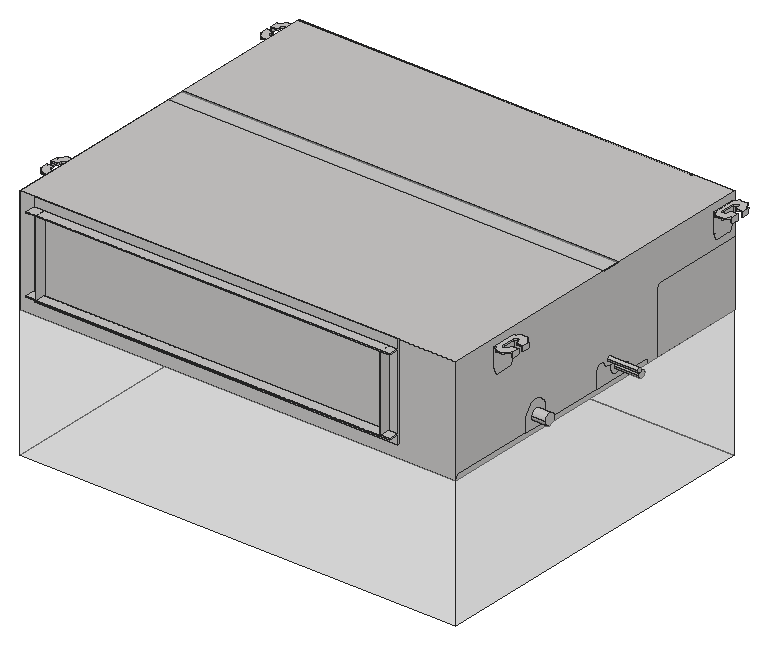
Revit family "outputfile", category 機械設備, Revit 2024
Family settings
  丸型コネクタ寸法 = 半径を使用
  パーツ タイプ = 標準
  OmniClass 番号 = 23.75.10.24.21.27.27
  OmniClass タイトル = Split System Air Conditioning Units
  作業面ベース = いいえ
  常に垂直 = はい
  ロード時にボイドで切り取り = いいえ
  注釈の向きを維持 = いいえ
  共有 = いいえ
  部屋計算ポイント = はい
Parameters (values of type "FDBF24EV2S")
  書き出し IFC クラス(タイプ) = "IfcUnitaryEquipmentType"
  定義済み IFC タイプ(タイプ) = "AIRCONDITIONINGUNIT"
  switch_frequency = yes
  ra duct size width = 0 mm
  ra duct size height [instance] = if(Rear Connection_Return Air, 203 mm, 204 mm)  # 203 mm
  lw_duct size width = 904 mm
  connector_voltage = Voltage_50Hz  # 220 V
  connector_powerinput = [Power Input (Cooling)]  # 2.230 kW
  connector_phase = Phase_50Hz  # 1
  RA_length [instance] = if(Rear Connection_Return Air, 126 mm, 125.5 mm)  # 126 mm
  angle_drainpipe [instance] = if(Right Connection_refrigerant, 90.00°, 270.00°)  # 90.00°
  angle_gaspipe [instance] = if(Right Connection_refrigerant, 90.00°, 270.00°)  # 90.00°
  angle_liquidpipe [instance] = if(Right Connection_refrigerant, 90.00°, 270.00°)  # 90.00°
  angle_Return Air [instance] = if(Rear Connection_Return Air, 90.00°, 0.00°)  # 90.00°
  Right Connection_refrigerant [instance] = yes
  Rear Connection_Return Air [instance] = not(Bottom Connection_Return Air)  # yes
  製造元 = "Daikin"
  モデル = "FDBF24EV2S"
  r_Liquid Pipe Size = Liquid Pipe Size / 2  # 4.75 mm
  r_Gas Pipe Size = Gas Pipe Size / 2  # 7.95 mm
  r_Drain Pipe Size = Drain Pipe Size / 2  # 12.5 mm
  lw_power = 60 mm  # constant formula
  lh_power = 30 mm  # constant formula
  ld_power = Depth / 2  # 400 mm
  Voltage_comment_50Hz = "220 - 240"
  Voltage_50Hz = 220 V
  Supply Air Direction [instance] = yes
  Phase_50Hz = 1
  Minimum External Static Pressure = 15.00 Pa
  Maximum External Static Pressure = 38.00 Pa
  Material_Casing = DAIKIN_GalvanizedSteel_Casing_indoorunit
  lw_mountinghole = 1038 mm
  lh_gaspipe = 22 mm  # constant formula
  lh_mountinghole = 230 mm  # constant formula
  lh_liquidpipe = 185 mm  # constant formula
  lh_drainpipe = 207 mm  # constant formula
  lh_antena = (Height - lh_mountinghole) + 1 mm  # 16 mm
  ld_drainpipe = 228 mm  # constant formula
  ld_liquidpipe = 438 mm  # constant formula
  ld_gaspipe = 22 mm  # constant formula
  ld_mountinghole = 0 mm
  h*** = 0 mm
  lw_liquidpipe = 571 mm
  lw_gaspipe = 558 mm
  lw_drainpipe = 533 mm
  Width = 1000 mm
  Version = "ver.1.0"
  Unit Type = "Duct"
  Unit Mass Weight = 36.00 kg
  Unit Designation [instance] = ""
  Uniclass2015Version = "Products v1.30"
  Uniclass2015Title = "Split coil room air conditioning units"
  Uniclass2015Code = "Pr_70_65_03_86"
  Total Cooling Capacity [instance] = 0.000 kW
  Sound Pressure Level_M speed (dBA) = 35
  Sound Pressure Level_L speed (dBA) = 33
  Sound Pressure Level_H speed (dBA) = 39
  Series = "SkyAir_Fan Coil Unit"
  Sensible Cooling Capacity [instance] = 0.000 kW
  SA Duct Size Width = 790 mm
  SA Duct Size Height = 174 mm
  Refrigerant Type = "R32"
  RA Duct Size Width = 863 mm
  RA Duct Size Height = 203 mm
  Power Input (Cooling) = 2.230 kW
  Option Accessory 3 [instance] = ""
  Option Accessory 2 [instance] = ""
  Option Accessory 1 [instance] = ""
  Nominal Cooling Capacity = 7.000 kW
  Minimum Airflow = 1050.00 m³/h
  Median Airflow = 1200.00 m³/h
  Maximum Airflow = 1350.00 m³/h
  Load Classification = HVAC
  Liquid Pipe Size = 9.5 mm
  Link_Nested Family [instance] = ""
  Left Connection_refrigerant [instance] = not(Right Connection_refrigerant)  # no
  IfcVersion = ""
  IfcExportType = "AIRCONDITIONINGUNIT"
  IfcExportAs = "IfcUnitaryEquipmentType"
  Height = 245 mm
  Heat Exchanger Type = "Cross Fin Coil"
  Gas Pipe Size = 15.9 mm
  Frequency_50Hz = 50 Hz
  Fan Type = "Sirocco Fan"
  Fan Drive = "Direct Drive"
  FCU Tag No. [instance] = ""
  Drain Pipe Size = 25.0 mm
  Design Supply Airflow [instance] = 0.00 m³/h
  Design Return Airflow [instance] = 0.00 m³/h
  Design External Static Pressure [instance] = 0.00 Pa
  Depth = 800 mm
  既定の高さ = 0 mm
  Cooling Entering Wet Bulb Temperature [instance] = 0.00 °C
  Cooling Entering Dry Bulb Temperature [instance] = 0.00 °C
  Cooling Ambient Wet Bulb Temperature [instance] = 0.00 °C
  Cooling Ambient Dry Bulb Temperature [instance] = 0.00 °C
  Clearance visibility [instance] = yes
  Clearance Top = 0 mm
  Clearance Right = 0 mm
  Clearance Rear = 0 mm
  Clearance Left = 0 mm
  Clearance Front = 0 mm
  Clearance Bottom = 300 mm
  Bottom Connection_Return Air [instance] = no
Reference planes
  plane 1 "Center (Front/Back)": y = 0
  plane 2 "h": z = 0
  plane 3 "Center (Left/Right)": x = 0
  plane 4 "Back": y = 400
  plane 5 "Front": y = -400
  plane 6 "Left": x = -500
  plane 7 "Right": x = 500
  plane 8 "Top": z = 0
  plane 9 "Bottom": z = -245
  plane 10: y = 400
  plane 11: y = -400
  plane 12: x = -500
  plane 13: x = 500
  plane 14: z = 0
  plane 15: z = -545
  plane 16: y = 364
  plane 17: y = -266
  plane 18: z = -15
  plane 19: x = -467
  plane 20: x = -558
  plane 21: x = 558
  plane 22: x = -571
  plane 23: x = 571
  plane 24: y = 38
  plane 25: y = 60
  plane 26: y = -172
  plane 27: z = -207
  plane 28: z = -207
  plane 29: z = -185
  plane 30: x = -533
  plane 31: x = 533
  plane 32: x = 404.5
  plane 33: x = -499.5
  plane 34: y = 151.5
  plane 35: z = -215
  plane 36: x = 440
  plane 37: x = -47.5
  plane 38: y = 274
  plane 39: z = -119.5
  plane 40: x = -519
  plane 41: x = 519
Forms (mm)
  Extrusion 1, solid, material "DAIKIN_GalvanizedSteel_Casing_indoorunit" <- "Material_Casing"
    sketch origin (0, 0, 0) x (1, 0, 0) y (0, 1, 0)
      loop
        line (-500, 400) -> (-500, -400) -> (500, -400) -> (500, 400) -> (-500, 400)
    from -245 to 0
  Extrusion 2, solid, material "DAIKIN_GalvanizedSteel_Casing_indoorunit" <- "Material_Casing", visible <- "Right Connection_refrigerant"
    sketch origin (500, 0, 0) x (0, 1, 0) y (0, 0, 1)
      loop
        circle (-172, -207) r 12.5
    from 0 to 33
  Extrusion 3, solid, material "DAIKIN_GalvanizedSteel_Casing_indoorunit" <- "Material_Casing", visible <- "Left Connection_refrigerant"
    sketch origin (-500, 0, 0) x (0, 1, 0) y (0, 0, 1)
      loop
        circle (-172, -207) r 12.5
    from 0 to -33
  Extrusion 4, solid, material "DAIKIN_GalvanizedSteel_Casing_indoorunit" <- "Material_Casing", visible <- "Right Connection_refrigerant"
    sketch origin (500, 0, 0) x (0, 1, 0) y (0, 0, 1)
      loop
        circle (38, -185) r 4.75
    from 0 to 71
  Extrusion 5, solid, material "DAIKIN_GalvanizedSteel_Casing_indoorunit" <- "Material_Casing", visible <- "Right Connection_refrigerant"
    sketch origin (500, 0, 0) x (0, 1, 0) y (0, 0, 1)
      loop
        circle (60, -207) r 7.95
    from 0 to 58
  Extrusion 6, solid, material "DAIKIN_GalvanizedSteel_Casing_indoorunit" <- "Material_Casing", visible <- "Left Connection_refrigerant"
    sketch origin (-500, 0, 0) x (0, 1, 0) y (0, 0, 1)
      loop
        circle (60, -207) r 7.95
    from 0 to -58
  Extrusion 7, solid, material "DAIKIN_GalvanizedSteel_Casing_indoorunit" <- "Material_Casing", visible <- "Left Connection_refrigerant"
    sketch origin (-500, 0, 0) x (0, 1, 0) y (0, 0, 1)
      loop
        circle (38, -185) r 4.75
    from 0 to -71
  Extrusion 8, solid, material "DAIKIN_GalvanizedSteel_Casing_indoorunit" <- "Material_Casing", visible <- "Right Connection_refrigerant"
    sketch origin (500, 0, 0) x (0, 1, 0) y (0, 0, 1)
      loop
        line (22.284, -188) -> (7.5, -188)
        arc (7.5, -188) -> (5.379, -188.879) -> (4.5, -191) r 3
        line (4.5, -191) -> (4.5, -232)
        arc (4.5, -232) -> (5.379, -234.121) -> (7.5, -235) r 3
        line (7.5, -235) -> (91, -235)
        arc (91, -235) -> (93.121, -234.121) -> (94, -232) r 3
        line (94, -232) -> (94, -220)
        arc (94, -220) -> (93.121, -217.879) -> (91, -217) r 3
        line (91, -217) -> (75.564, -217)
        arc (75.564, -217) -> (51.595, -223.481) -> (42.766, -200.274) r 18.5
        arc (42.766, -200.274) -> (29.776, -198.725) -> (22.284, -188) r 16
    from 0 to -1
  Extrusion 9, solid, material "DAIKIN_GalvanizedSteel_Casing_indoorunit" <- "Material_Casing", visible <- "Left Connection_refrigerant"
    sketch origin (-500, 0, 0) x (0, 1, 0) y (0, 0, 1)
      loop
        line (22.284, -188) -> (7.5, -188)
        arc (7.5, -188) -> (5.379, -188.879) -> (4.5, -191) r 3
        line (4.5, -191) -> (4.5, -232)
        arc (4.5, -232) -> (5.379, -234.121) -> (7.5, -235) r 3
        line (7.5, -235) -> (91, -235)
        arc (91, -235) -> (93.121, -234.121) -> (94, -232) r 3
        line (94, -232) -> (94, -220)
        arc (94, -220) -> (93.121, -217.879) -> (91, -217) r 3
        line (91, -217) -> (75.564, -217)
        arc (75.564, -217) -> (51.595, -223.481) -> (42.766, -200.274) r 18.5
        arc (42.766, -200.274) -> (29.776, -198.725) -> (22.284, -188) r 16
    from 0 to 1
  Extrusion 10, solid, material "DAIKIN_GalvanizedSteel_Casing_indoorunit" <- "Material_Casing", visible <- "Right Connection_refrigerant"
    sketch origin (500, 0, 0) x (0, 1, 0) y (0, 0, 1)
      loop
        line (-199.5, -235) -> (-144.5, -235) -> (-144.5, -204.7)
        arc (-144.5, -204.7) -> (-152.555, -185.255) -> (-172, -177.2) r 27.5
        arc (-172, -177.2) -> (-191.445, -185.255) -> (-199.5, -204.7) r 27.5
        line (-199.5, -204.7) -> (-199.5, -235)
    from 0 to -1
  Extrusion 11, solid, material "DAIKIN_GalvanizedSteel_Casing_indoorunit" <- "Material_Casing", visible <- "Left Connection_refrigerant"
    sketch origin (-500, 0, 0) x (0, 1, 0) y (0, 0, 1)
      loop
        line (-199.5, -235) -> (-144.5, -235) -> (-144.5, -204.7)
        arc (-144.5, -204.7) -> (-152.555, -185.255) -> (-172, -177.2) r 27.5
        arc (-172, -177.2) -> (-191.445, -185.255) -> (-199.5, -204.7) r 27.5
        line (-199.5, -204.7) -> (-199.5, -235)
    from 0 to 1
  Extrusion 12, solid, material "DAIKIN_GalvanizedSteel_Casing_indoorunit" <- "Material_Casing", visible <- "Right Connection_refrigerant"
    sketch origin (500, 0, 0) x (0, 1, 0) y (0, 0, 1)
      loop
        line (400, -245) -> (400, -95.5) -> (182, -95.5)
        arc (182, -95.5) -> (179.879, -96.379) -> (179, -98.5) r 3
        line (179, -98.5) -> (179, -245) -> (400, -245)
    from 0 to -1
  Extrusion 13, solid, material "DAIKIN_GalvanizedSteel_Casing_indoorunit" <- "Material_Casing", visible <- "Bottom Connection_Return Air"
    sketch origin (0, 400, 0) x (-1, 0, 0) y (0, 0, 1)
      loop
        line (-404.5, 0) -> (-404.5, -245) -> (499.5, -245) -> (499.5, 0) -> (-404.5, 0)
    from 0 to -1
  Extrusion 14, solid, material "DAIKIN_GalvanizedSteel_Casing_indoorunit" <- "Material_Casing", visible <- "Rear Connection_Return Air"
    sketch origin (0, 0, -245) x (-1, 0, 0) y (0, -1, 0)
      loop
        line (499.5, -400) -> (499.5, -151.5) -> (-404.5, -151.5) -> (-404.5, -400) -> (499.5, -400)
    from 0 to 1
  Extrusion 15, solid, material "DAIKIN_GalvanizedSteel_Casing_indoorunit" <- "Material_Casing", visible <- "Right Connection_refrigerant"
    sketch origin (500, 0, 0) x (0, 1, 0) y (0, 0, 1)
      loop
        arc (-397, -235) -> (-399.121, -235.879) -> (-400, -238) r 3
        line (-400, -238) -> (-400, -245) -> (147.5, -245) -> (147.5, -238)
        arc (147.5, -238) -> (146.621, -235.879) -> (144.5, -235) r 3
        line (144.5, -235) -> (-397, -235)
    from 0 to -1
  Extrusion 16, solid, material "DAIKIN_GalvanizedSteel_Casing_indoorunit" <- "Material_Casing", visible <- "Left Connection_refrigerant"
    sketch origin (-500, 0, 0) x (0, 1, 0) y (0, 0, 1)
      loop
        arc (-397, -235) -> (-399.121, -235.879) -> (-400, -238) r 3
        line (-400, -238) -> (-400, -245) -> (147.5, -245) -> (147.5, -238)
        arc (147.5, -238) -> (146.621, -235.879) -> (144.5, -235) r 3
        line (144.5, -235) -> (-397, -235)
    from 0 to 1
  Extrusion 17, solid, material "DAIKIN_GalvanizedSteel_Casing_indoorunit" <- "Material_Casing", visible <- "Left Connection_refrigerant"
    sketch origin (-500, 0, 0) x (0, 1, 0) y (0, 0, 1)
      loop
        line (400, -245) -> (400, -95.5) -> (182, -95.5)
        arc (182, -95.5) -> (179.879, -96.379) -> (179, -98.5) r 3
        line (179, -98.5) -> (179, -245) -> (400, -245)
    from 0 to 1
  Extrusion 18, void
    sketch origin (0, 0, 0) x (-1, 0, 0) y (0, -1, 0)
      loop
        line (500, -66.5) -> (500, -25) -> (-500, -25) -> (-500, -66.5) -> (500, -66.5)
    from 0 to -1
Cuts and joins
  Extrusion 18 cuts Extrusion 1
Dimensions and locks
  "Height": plane 8 "Top" to plane 9 "Bottom"
  equal spacing: plane 4 "Back", plane 1 "Center (Front/Back)", plane 5 "Front"
  "Depth": plane 4 "Back" to plane 5 "Front"
  equal spacing: plane 6 "Left", plane 3 "Center (Left/Right)", plane 7 "Right"
  "Width": plane 6 "Left" to plane 7 "Right"
  "Clearance Left": plane 12 to plane 6 "Left"
  "Clearance Right": plane 7 "Right" to plane 13
  "Clearance Rear": plane 10 to plane 4 "Back"
  "Clearance Front": plane 5 "Front" to plane 11
  "Clearance Top": plane 14 to plane 8 "Top"
  "Clearance Bottom": plane 9 "Bottom" to plane 15
  locked: plane 4 "Back" to plane 16 at 36
  locked: plane 17 to plane 5 "Front" at 134
  locked: plane 6 "Left" to plane 19 at 33
  "ld_liquidpipe": plane 24 to plane 5 "Front"
  "ld_drainpipe": plane 26 to plane 5 "Front"
  "ld_gaspipe": plane 25 to plane 24
  "lh_drainpipe": plane 8 "Top" to plane 28
  "lh_liquidpipe": plane 8 "Top" to plane 29
  "lh_gaspipe": plane 29 to plane 27
  locked: plane 7 "Right" to plane 32 at 95.5
  locked: plane 33 to plane 6 "Left" at 0.5
  locked: plane 4 "Back" to plane 34 at 248.5
  "lw_drainpipe": plane 3 "Center (Left/Right)" to plane 31
  "lw_drainpipe": plane 30 to plane 3 "Center (Left/Right)"
  "lw_gaspipe": plane 3 "Center (Left/Right)" to plane 21
  "lw_gaspipe": plane 20 to plane 3 "Center (Left/Right)"
  "lw_liquidpipe": plane 3 "Center (Left/Right)" to plane 23
  "lw_liquidpipe": plane 22 to plane 3 "Center (Left/Right)"
  "lw_power": plane 7 "Right" to plane 36
  "lh_power": plane 9 "Bottom" to plane 35
  equal spacing: plane 33, plane 37, plane 32
  locked: plane 4 "Back" to plane 38 at 126
  locked: plane 9 "Bottom" to plane 39 at 125.5
  equal spacing: plane 40, plane 3 "Center (Left/Right)", plane 41
  "lw_mountinghole": plane 40 to plane 41
  "lh_mountinghole": plane 18 to plane 9 "Bottom"
  locked: Extrusion 18 sketch curve to Extrusion 18 sketch curve at 41.5
  locked: plane 1 "Center (Front/Back)" to Extrusion 18 sketch curve at 25
  "r_Drain Pipe Size": radius of Extrusion 2 sketch curve
  "r_Drain Pipe Size": radius of Extrusion 3 sketch curve
  "r_Liquid Pipe Size": radius of Extrusion 4 sketch curve
  "r_Gas Pipe Size": radius of Extrusion 5 sketch curve
  "r_Gas Pipe Size": radius of Extrusion 6 sketch curve
  "r_Liquid Pipe Size": radius of Extrusion 7 sketch curve
  aligned and locked: level to plane 2 "h"
  aligned and locked: plane 8 "Top" to Extrusion 1
  aligned and locked: Extrusion 1 to plane 9 "Bottom"
  aligned and locked: nested 2 to plane 11
  aligned and locked: plane 12 to nested 2
  aligned and locked: plane 13 to nested 2
  aligned and locked: nested 2 to plane 12
  aligned and locked: plane 10 to nested 2
  aligned and locked: plane 14 to nested 2
  aligned and locked: plane 15 to nested 2
  aligned and locked: plane 5 "Front" to Extrusion 1 sketch curve
  aligned and locked: level to plane 8 "Top"
  aligned and locked: nested 3 to plane 6 "Left"
  aligned and locked: nested 6 to plane 6 "Left"
  aligned and locked: plane 7 "Right" to nested 5
  aligned and locked: plane 7 "Right" to nested 4
  aligned and locked: nested 3 to plane 16
  aligned and locked: plane 16 to nested 4
  aligned and locked: plane 17 to nested 6
  aligned and locked: nested 5 to plane 17
  aligned and locked: plane 18 to nested 3
  aligned and locked: plane 18 to nested 6
  aligned and locked: plane 18 to nested 4
  aligned and locked: plane 18 to nested 5
  aligned and locked: nested 7 to plane 5 "Front"
  aligned and locked: nested 7 to plane 19
  aligned and locked: plane 28 to Extrusion 2 sketch curve
  aligned and locked: plane 26 to Extrusion 2 sketch curve
  aligned and locked: plane 31 to Extrusion 2
  aligned and locked: plane 28 to Extrusion 3 sketch curve
  aligned and locked: plane 26 to Extrusion 3 sketch curve
  aligned and locked: Extrusion 3 to plane 30
  aligned and locked: plane 29 to Extrusion 4 sketch curve
  aligned and locked: plane 24 to Extrusion 4 sketch curve
  aligned and locked: plane 23 to Extrusion 4
  aligned and locked: plane 28 to Extrusion 5 sketch curve
  aligned and locked: plane 25 to Extrusion 5 sketch curve
  aligned and locked: plane 21 to Extrusion 5
  aligned and locked: plane 28 to Extrusion 6 sketch curve
  aligned and locked: plane 25 to Extrusion 6 sketch curve
  aligned and locked: Extrusion 6 to plane 20
  aligned and locked: plane 29 to Extrusion 7 sketch curve
  aligned and locked: plane 24 to Extrusion 7 sketch curve
  aligned and locked: Extrusion 7 to plane 22
  aligned and locked: Extrusion 13 to plane 33
  aligned and locked: plane 32 to Extrusion 13
  aligned and locked: plane 8 "Top" to Extrusion 13
  aligned and locked: Extrusion 13 to plane 9 "Bottom"
  aligned and locked: Extrusion 14 to plane 33
  aligned and locked: plane 32 to Extrusion 14
  aligned and locked: Extrusion 14 to plane 34
  aligned and locked: plane 4 "Back" to Extrusion 14
  aligned and locked: nested 8 to plane 4 "Back"
  aligned and locked: nested 8 to plane 33
  aligned and locked: plane 8 "Top" to nested 8
  aligned and locked: nested 9 to plane 34
  aligned and locked: plane 4 "Back" to nested 9
  aligned and locked: plane 32 to nested 9
  aligned and locked: nested 9 to plane 9 "Bottom"
  aligned and locked: nested 10 to plane 26
  aligned and locked: plane 3 "Center (Left/Right)" to nested 10
  aligned and locked: nested 10 to plane 28
  aligned and locked: nested 11 to plane 24
  aligned and locked: plane 3 "Center (Left/Right)" to nested 11
  aligned and locked: nested 11 to plane 29
  aligned and locked: nested 12 to plane 25
  aligned and locked: plane 3 "Center (Left/Right)" to nested 12
  aligned and locked: nested 12 to plane 28
  aligned and locked: nested 13 to plane 35
  aligned and locked: nested 13 to plane 36
  aligned and locked: nested 13 to plane 1 "Center (Front/Back)"
  aligned and locked: plane 37 to nested 14
  aligned and locked: nested 14 to plane 38
  aligned and locked: plane 38 to nested 14  (x2)
  aligned and locked: plane 40 to nested 15
  aligned and locked: plane 17 to nested 15
  aligned and locked: plane 40 to nested 16
  aligned and locked: nested 16 to plane 16
  aligned and locked: plane 41 to nested 18
  aligned and locked: plane 17 to nested 18
  aligned and locked: plane 41 to nested 17
  aligned and locked: nested 17 to plane 16
  aligned and locked: plane 1 "Center (Front/Back)" to nested 1
  aligned and locked: plane 3 "Center (Left/Right)" to nested 1
  aligned and locked: plane 6 "Left" to Extrusion 18 sketch curve
  aligned and locked: Extrusion 18 sketch curve to plane 7 "Right"
  aligned and locked: plane 8 "Top" to nested 7
Automatic sketch dimensions
  Extrusion 1 sketch curve to plane 6 "Left" = 0 mm
  Extrusion 1 sketch curve to plane 7 "Right" = 0 mm
  Extrusion 1 sketch curve to plane 4 "Back" = 0 mm
  Extrusion 8 sketch curve to plane 24 = 0 mm
  Extrusion 8 sketch curve to plane 25 = 0 mm
  Extrusion 8 sketch curve to plane 27 = 0 mm
  Extrusion 8 sketch curve to plane 29 = 0 mm
  Extrusion 8 sketch curve to plane 29 = 3 mm
  Extrusion 8 sketch curve to plane 24 = 15.716 mm
  Extrusion 8 sketch curve to plane 1 "Center (Front/Back)" = 7.5 mm  (x2)
  Extrusion 8 sketch curve to Extrusion 8 sketch curve = 3 mm
  Extrusion 8 sketch curve to plane 35 = 2 mm
  plane 25 to Extrusion 8 sketch curve = 15.564 mm
  plane 9 "Bottom" to Extrusion 8 sketch curve = 10 mm
  Extrusion 8 sketch curve to Extrusion 8 sketch curve = 15.436 mm
  Extrusion 8 sketch curve to plane 35 = 5 mm
  Extrusion 8 sketch curve to Extrusion 8 sketch curve = 0 mm
  Extrusion 9 sketch curve to plane 24 = 0 mm
  Extrusion 9 sketch curve to plane 25 = 0 mm
  Extrusion 9 sketch curve to plane 27 = 0 mm
  Extrusion 9 sketch curve to plane 29 = 0 mm
  Extrusion 9 sketch curve to plane 29 = 3 mm
  Extrusion 9 sketch curve to plane 24 = 15.716 mm
  Extrusion 9 sketch curve to plane 1 "Center (Front/Back)" = 7.5 mm  (x2)
  Extrusion 9 sketch curve to Extrusion 9 sketch curve = 3 mm
  Extrusion 9 sketch curve to plane 35 = 2 mm
  plane 25 to Extrusion 9 sketch curve = 15.564 mm
  plane 9 "Bottom" to Extrusion 9 sketch curve = 10 mm
  Extrusion 9 sketch curve to Extrusion 9 sketch curve = 15.436 mm
  Extrusion 9 sketch curve to plane 35 = 5 mm
  Extrusion 9 sketch curve to Extrusion 9 sketch curve = 0 mm
  Extrusion 10 sketch curve to Extrusion 10 sketch curve = 0 mm  (x2)
  Extrusion 10 sketch curve to plane 26 = 0 mm
  plane 9 "Bottom" to Extrusion 10 sketch curve = 10 mm
  Extrusion 10 sketch curve to plane 26 = 27.5 mm
  plane 27 to Extrusion 10 sketch curve = 2.3 mm
  Extrusion 11 sketch curve to Extrusion 11 sketch curve = 0 mm  (x2)
  Extrusion 11 sketch curve to plane 26 = 0 mm
  plane 9 "Bottom" to Extrusion 11 sketch curve = 10 mm
  Extrusion 11 sketch curve to plane 26 = 27.5 mm
  plane 27 to Extrusion 11 sketch curve = 2.3 mm
  Extrusion 12 sketch curve to plane 9 "Bottom" = 0 mm
  Extrusion 12 sketch curve to plane 4 "Back" = 0 mm
  plane 34 to Extrusion 12 sketch curve = 30.5 mm
  Extrusion 12 sketch curve to Extrusion 12 sketch curve = 3 mm
  plane 39 to Extrusion 12 sketch curve = 21 mm
  Extrusion 13 sketch curve to plane 9 "Bottom" = 0 mm
  Extrusion 13 sketch curve to plane 32 = 0 mm
  Extrusion 13 sketch curve to plane 33 = 0 mm
  Extrusion 13 sketch curve to level = 0 mm
  Extrusion 14 sketch curve to plane 4 "Back" = 0 mm
  Extrusion 14 sketch curve to plane 32 = 0 mm
  Extrusion 14 sketch curve to plane 33 = 0 mm
  Extrusion 14 sketch curve to plane 34 = 0 mm
  Extrusion 15 sketch curve to plane 5 "Front" = 0 mm
  Extrusion 15 sketch curve to plane 9 "Bottom" = 0 mm
  Extrusion 15 sketch curve to Extrusion 15 sketch curve = 3 mm
  Extrusion 15 sketch curve to plane 34 = 7 mm
  Extrusion 15 sketch curve to plane 34 = 4 mm
  Extrusion 15 sketch curve to Extrusion 15 sketch curve = 7 mm
  Extrusion 16 sketch curve to plane 5 "Front" = 0 mm
  Extrusion 16 sketch curve to plane 9 "Bottom" = 0 mm
  Extrusion 16 sketch curve to Extrusion 16 sketch curve = 3 mm
  Extrusion 16 sketch curve to plane 34 = 7 mm
  Extrusion 16 sketch curve to plane 34 = 4 mm
  plane 9 "Bottom" to Extrusion 16 sketch curve = 7 mm
  Extrusion 17 sketch curve to plane 9 "Bottom" = 0 mm
  Extrusion 17 sketch curve to plane 4 "Back" = 0 mm
  plane 34 to Extrusion 17 sketch curve = 30.5 mm
  Extrusion 17 sketch curve to Extrusion 17 sketch curve = 3 mm
  plane 39 to Extrusion 17 sketch curve = 21 mm
Nested families
  nested 1: "daikin_△_symbolicline" at (0, 0, 245), built-in parameter 1001364 <- "Height", visible <- "Supply Air Direction", type "daikin_△_symbolicline"
    with length 200 mm
  nested 2: "daikin_clearancespace" at (0, 0, -272.381), visible <- "Clearance visibility", show <- "Clearance visibility", Link_Nested Family <- "Link_Nested Family", type "daikin_clearancespace"
    with width 1000 mm, show yes, height 545 mm, depth 800 mm, Link_Nested Family ""
  nested 3: "daikin_hangerfixture_FDBF-EV2S" at (-500, 364, -15) x (0, -1, 0) z (0, 0, 1), type "daikin_hangerfixture_FDBF-EV2S"
  nested 4: "daikin_hangerfixture_FDBF-EV2S" at (500, 364, -15) x (0, 1, 0) z (0, 0, 1), type "daikin_hangerfixture_FDBF-EV2S"
  nested 5: "daikin_hangerfixture_FDBF-EV2S" at (500, -266, -15) x (0, 1, 0) z (0, 0, 1), type "daikin_hangerfixture_FDBF-EV2S"
  nested 6: "daikin_hangerfixture_FDBF-EV2S" at (-500, -266, -15) x (0, -1, 0) z (0, 0, 1), type "daikin_hangerfixture_FDBF-EV2S"
  nested 7: "daikin_ductflange_FDBF-EV2S_2" at (-49.5, -400, -108), type "daikin_ductflange_FDBF-EV2S_2"
    with width 835 mm, w 1000 mm
  nested 8: "daikin_ductflange_FDBF-EV2S" at (-47.5, 400, -122.5), width <- "lw_duct size width", visible <- "Rear Connection_Return Air", material <- "Material_Casing", type "daikin_ductflange_FDBF-EV2S"
    with width 904 mm, material DAIKIN_GalvanizedSteel_Casing_indoorunit, height 245 mm, depth 1 mm
  nested 9: "daikin_ductflange_FDBF-EV2S_1" at (-47.5, 275.75, -244) x (1, 0, 0) z (0, -1, 0), width <- "lw_duct size width", visible <- "Bottom Connection_Return Air", material <- "Material_Casing", type "daikin_ductflange_FDBF-EV2S_1"
    with width 904 mm, material DAIKIN_GalvanizedSteel_Casing_indoorunit, height 248.5 mm, depth 1 mm
  nested 10: "daikin_connector_rotate3" at (0, -172, -207), length <- "lw_drainpipe", radius <- "r_Drain Pipe Size", angle_vertical <- "angle_drainpipe", type "daikin_connector_rotate3"
    with show no, radius 12.5 mm, length 533 mm, angle_vertical 90.00°, angle_horizontal 90.00°
  nested 11: "daikin_connector_rotate3" at (0, 38, -185), length <- "lw_liquidpipe", radius <- "r_Liquid Pipe Size", angle_vertical <- "angle_liquidpipe", type "daikin_connector_rotate3"
    with show no, radius 4.75 mm, length 571 mm, angle_vertical 90.00°, angle_horizontal 90.00°
  nested 12: "daikin_connector_rotate3" at (0, 60, -207), length <- "lw_gaspipe", radius <- "r_Gas Pipe Size", angle_vertical <- "angle_gaspipe", type "daikin_connector_rotate3"
    with show no, radius 7.95 mm, length 558 mm, angle_vertical 90.00°, angle_horizontal 90.00°
  nested 13: "daikin_connector_rotate2" at (440, 0, -215) x (-1, 0, 0) z (0, 0, 1), length <- "ld_power", type "daikin_connector_rotate2"
    with radius 10 mm, length 400 mm, angle_vertical 90.00°
  nested 14: "daikin_connector_rotate3" at (-47.5, 274, -119.5), angle_vertical <- "angle_Return Air", length <- "RA_length", type "daikin_connector_rotate3"
    with show no, radius 10 mm, length 126 mm, angle_vertical 90.00°, angle_horizontal 180.00°
  nested 15: "daikin_mountinghole" at (-519, -266, -245), h_mountinghole <- "lh_mountinghole", l_antenna <- "lh_antena", Link_Nested Family <- "Link_Nested Family", type "daikin_mountinghole"
    with show yes, l_antenna 16 mm, h_mountinghole 230 mm, Link_Nested Family ""
  nested 16: "daikin_mountinghole" at (-519, 364, -245), h_mountinghole <- "lh_mountinghole", l_antenna <- "lh_antena", Link_Nested Family <- "Link_Nested Family", type "daikin_mountinghole"
    with show yes, l_antenna 16 mm, h_mountinghole 230 mm, Link_Nested Family ""
  nested 17: "daikin_mountinghole" at (519, 364, -245), h_mountinghole <- "lh_mountinghole", l_antenna <- "lh_antena", type "daikin_mountinghole"
    with show yes, l_antenna 16 mm, h_mountinghole 230 mm, Link_Nested Family ""
  nested 18: "daikin_mountinghole" at (519, -266, -245), h_mountinghole <- "lh_mountinghole", l_antenna <- "lh_antena", type "daikin_mountinghole"
    with show yes, l_antenna 16 mm, h_mountinghole 230 mm, Link_Nested Family ""
Connectors
  hvac at (-49.5, -425, -108), driven by "SA Duct Size Height", driven by "SA Duct Size Width"
    settings: on nested 7, index 1, duct flow 0.00 m³/h, flow factor 0, pres drop 0.00 Pa, loss coef 0, conn angle 0.00°, conn width 790.0 mm, conn height 174.0 mm, conn diameter 609.6 mm, duct sys type 1, conn prof type 1, flow config 0, flow direction 2, loss method 4, conn ref index -1, conn util no, is conn primary yes, conn desc "SA Duct"
  piping at (558, 60, -207), diameter 15.9, driven by "r_Gas Pipe Size"
    settings: on nested 12, index 4, connector inside diameter 609.6 mm, connector length 0 mm, flow factor 0, pipe flow 0.00 m³/h, pressure drop 0.0 Pa, fitting loss kfactor 0, connector angle 0.00°, fixture units 0, engagement length 0 mm, angle of deflection 0.00°, flow configuration 1, flow direction 2, fitting loss method 0, system type 29, joint type 0, gender type 0, connector reference index -1, connector utility 0, adjustable connector no, is connector primary yes, connector description "Refrigerant Gas Piping"
  piping at (571, 38, -185), diameter 9.5, driven by "r_Liquid Pipe Size"
    settings: on nested 11, index 5, connector inside diameter 609.6 mm, connector length 0 mm, flow factor 0, pipe flow 0.00 m³/h, pressure drop 0.0 Pa, fitting loss kfactor 0, connector angle 0.00°, fixture units 0, engagement length 0 mm, angle of deflection 0.00°, flow configuration 1, flow direction 1, fitting loss method 0, system type 29, joint type 0, gender type 0, connector reference index -1, connector utility 0, adjustable connector no, is connector primary no, connector description "Refrigerant Liquid Piping"
  piping at (533, -172, -207), diameter 25, driven by "r_Drain Pipe Size"
    settings: on nested 10, index 6, connector inside diameter 609.6 mm, connector length 0 mm, flow factor 0, pipe flow 0.00 m³/h, pressure drop 0.0 Pa, fitting loss kfactor 0, connector angle 0.00°, fixture units 0, engagement length 0 mm, angle of deflection 0.00°, flow configuration 1, flow direction 2, fitting loss method 4, system type 16, joint type 0, gender type 0, connector reference index -1, connector utility 0, adjustable connector no, is connector primary no, connector description "Condensate Drain Piping"
  hvac at (-47.5, 400, -119.5), driven by "ra duct size height", driven by "RA Duct Size Width"
    settings: on nested 14, index 7, duct flow 0.00 m³/h, flow factor 0, pres drop 0.00 Pa, loss coef 0, conn angle 0.00°, conn width 863.0 mm, conn height 203.0 mm, conn diameter 609.6 mm, duct sys type 2, conn prof type 1, flow config 0, flow direction 1, loss method 4, conn ref index -1, conn util no, is conn primary no, conn desc "RA Duct"
  electrical at (440, 400, -215), driven by "Load Classification", driven by "connector_powerinput", driven by "connector_voltage", driven by "connector_phase"
    settings: on nested 13, index 8, voltage 220 V, apparent load 2230 VA, apparent load phase1 0 VA, apparent load phase2 0 VA, apparent load phase3 0 VA, power factor 1, load classification "HVAC", number of poles 1, system type 30, power factor state 1, is connector primary yes, connector utility no, sub classification motor no, connector description "Power Supply"
Definition of nested family "daikin_clearancespace"
  Parameters (values of type "daikin_clearancespace")
    Description = "daikin_clearancespace"
    width [instance] = 1823.963 mm
    show [instance] = yes
    material = none
    height [instance] = 1359.762 mm
    depth [instance] = 880 mm
    Default Elevation = 0 mm
    Link_Nested Family [instance] = ""
  Reference planes
    plane 1 "Center (Front/Back)": y = 0
    plane 2 "Center (Elevation)": z = -0.119
    plane 3 "Center (Left/Right)": x = 0
    plane 4: y = 440
    plane 5: y = -440
    plane 6 "Right": x = 911.982
    plane 7 "Left": x = -911.982
    plane 8 "Top": z = 679.762
    plane 9 "Bottom": z = -680
  Forms (mm)
    Extrusion 1, solid, material <- "material", visible <- "show"
      sketch origin (0, 0, 0) x (1, 0, 0) y (0, 1, 0)
        loop
          line (-911.982, 440) -> (-911.982, -440) -> (911.982, -440) -> (911.982, 440) -> (-911.982, 440)
      from -680 to 679.762
  Lines and regions (mm)
    symbolic lines, visible <- "show"
      curve 1: line (911.982, 440, 0) -> (-911.982, 440, 0)
      curve 2: line (-911.982, 440, 0) -> (-911.982, -440, 0)
      curve 3: line (-911.982, -440, 0) -> (911.982, -440, 0)
      curve 4: line (911.982, -440, 0) -> (911.982, 440, 0)
      curve 5: line (911.982, 0, 679.762) -> (-911.982, 0, 679.762)
      curve 6: line (911.982, 0, -680) -> (911.982, 0, 679.762)
      curve 7: line (-911.982, 0, -680) -> (911.982, 0, -680)
      curve 8: line (-911.982, 0, 679.762) -> (-911.982, 0, -680)
      curve 9: line (0, 440, 679.762) -> (0, -440, 679.762)
      curve 10: line (0, -440, 679.762) -> (0, -440, -680)
      curve 11: line (0, 440, -680) -> (0, 440, 679.762)
      curve 12: line (0, -440, -680) -> (0, 440, -680)
  Dimensions and locks
    "width": plane 7 "Left" to plane 6 "Right"
    "depth": plane 4 to plane 5
    "height": plane 8 "Top" to plane 9 "Bottom"
    equal spacing: plane 7 "Left", plane 3 "Center (Left/Right)", plane 6 "Right"
    equal spacing: plane 4, plane 1 "Center (Front/Back)", plane 5
    equal spacing: plane 8 "Top", plane 2 "Center (Elevation)", plane 9 "Bottom"
    aligned and locked: level to plane 2 "Center (Elevation)"
    aligned and locked: Extrusion 1 sketch curve to plane 4
    aligned and locked: plane 7 "Left" to Extrusion 1 sketch curve
    aligned and locked: Extrusion 1 sketch curve to plane 5
    aligned and locked: Extrusion 1 sketch curve to plane 6 "Right"
    aligned and locked: plane 8 "Top" to Extrusion 1
    aligned and locked: curve 1 to Extrusion 1
    aligned and locked: curve 2 to Extrusion 1
    aligned and locked: curve 3 to Extrusion 1
    aligned and locked: curve 4 to Extrusion 1
    aligned and locked: curve 5 to Extrusion 1
    aligned and locked: curve 6 to Extrusion 1
    aligned and locked: curve 7 to Extrusion 1
    aligned and locked: curve 8 to Extrusion 1
    aligned and locked: curve 9 to Extrusion 1
    aligned and locked: curve 10 to Extrusion 1
    aligned and locked: curve 11 to Extrusion 1
    aligned and locked: curve 12 to Extrusion 1
    aligned and locked: Extrusion 1 to plane 9 "Bottom"
Definition of nested family "daikin_hangerfixture_FDBF-EV2S"
  Parameters (values of type "daikin_hangerfixture_FDBF-DV2S")
    width = 72 mm
    material = none
    height = 60 mm
    depth = 41 mm
    Default Elevation = 0 mm
  Reference planes
    plane 1 "Center (Front/Back)": y = 0
    plane 2: z = 0
    plane 3 "Center (Left/Right)": x = 0
    plane 4: y = 417.146
    plane 5: y = -41
    plane 6: x = -36
    plane 7: x = 36
    plane 8: z = -2.3
    plane 9: z = -60
    plane 10: y = -2.3
    plane 11: z = -12
    plane 12: y = -38.7
  Forms (mm)
    Extrusion 1, solid, material <- "material"
      sketch origin (0, 0, 0) x (1, 0, 0) y (0, 1, 0)
        loop
          line (-28, 0) -> (-28, -5)
          arc (-28, -5) -> (-29.127, -8.162) -> (-32, -9.899) r 5
          arc (-32, -9.899) -> (-34.873, -11.636) -> (-36, -14.798) r 5
          line (-36, -14.798) -> (-36, -27.178)
          arc (-36, -27.178) -> (-35.429, -29.499) -> (-33.846, -31.289) r 5
          line (-33.846, -31.289) -> (-23, -38.798) -> (-23, -41.3) -> (-6.5, -41.3) -> (-6.5, -28.498)
          arc (-6.5, -28.498) -> (-7.379, -26.377) -> (-9.5, -25.498) r 3
          line (-9.5, -25.498) -> (-13.5, -25.498)
          arc (-13.5, -25.498) -> (-20, -18.998) -> (-13.5, -12.498) r 6.5
          line (-13.5, -12.498) -> (13.5, -12.498)
          arc (13.5, -12.498) -> (20, -18.998) -> (13.5, -25.498) r 6.5
          line (13.5, -25.498) -> (9.5, -25.498)
          arc (9.5, -25.498) -> (7.379, -26.377) -> (6.5, -28.498) r 3
          line (6.5, -28.498) -> (6.5, -41.3) -> (23, -41.3) -> (23, -38.798) -> (33.846, -31.289)
          arc (33.846, -31.289) -> (35.429, -29.499) -> (36, -27.178) r 5
          line (36, -27.178) -> (36, -14.596)
          arc (36, -14.596) -> (34.873, -11.434) -> (32, -9.697) r 5
          arc (32, -9.697) -> (29.127, -7.96) -> (28, -4.798) r 5
          line (28, -4.798) -> (28, 0) -> (-28, 0)
      from 0 to -2.3
    Extrusion 2, solid, material <- "material"
      sketch origin (0, 0, 0) x (1, 0, 0) y (0, 0, 1)
        loop
          line (28, -39.037) -> (28, 0) -> (-28, 0) -> (-28, -39.037)
          arc (-28, -39.037) -> (-27.91, -39.983) -> (-27.642, -40.894) r 5
          line (-27.642, -40.894) -> (-21.257, -56.857)
          arc (-21.257, -56.857) -> (-19.418, -59.14) -> (-16.615, -60) r 5
          line (-16.615, -60) -> (16.615, -60)
          arc (16.615, -60) -> (19.418, -59.14) -> (21.257, -56.857) r 5
          line (21.257, -56.857) -> (27.642, -40.894)
          arc (27.642, -40.894) -> (27.91, -39.983) -> (28, -39.037) r 5
      from 0 to 2.3
    Extrusion 3, solid, material <- "material"
      sketch origin (23, -41.3, 0) x (-1, 0, 0) y (0, 0, -1)
        loop
          line (46, 0) -> (46, 9)
          arc (46, 9) -> (45.121, 11.121) -> (43, 12) r 3
          line (43, 12) -> (32.5, 12)
          arc (32.5, 12) -> (30.379, 11.121) -> (29.5, 9) r 3
          line (29.5, 9) -> (29.5, 0) -> (46, 0)
        loop
          line (0, 0) -> (16.5, 0) -> (16.5, 9)
          arc (16.5, 9) -> (15.621, 11.121) -> (13.5, 12) r 3
          line (13.5, 12) -> (3, 12)
          arc (3, 12) -> (0.879, 11.121) -> (0, 9) r 3
          line (0, 9) -> (0, 0)
      from 0 to -2.3
  Cuts and joins
    joined: Extrusion 1, Extrusion 2, Extrusion 3
  Dimensions and locks
    plane 2 to plane 8 = 2.3 mm
    "height": plane 2 to plane 9
    locked: plane 10 to plane 1 "Center (Front/Back)" at 2.3
    locked: plane 2 to plane 11 at 12
    locked: plane 12 to plane 5 at 2.3
    "width": plane 6 to plane 7
    "depth": plane 1 "Center (Front/Back)" to plane 5
    aligned and locked: level to plane 2
    aligned and locked: Extrusion 1 to plane 8
    aligned and locked: plane 2 to Extrusion 1
    aligned and locked: plane 2 to Extrusion 2 sketch curve
    aligned and locked: Extrusion 2 to plane 10
    aligned and locked: Extrusion 2 to plane 1 "Center (Front/Back)"
    aligned and locked: Extrusion 3 sketch curve to cut or joined group of Extrusion 1, Extrusion 2, Extrusion 3  (x3)
  Automatic sketch dimensions
    Extrusion 2 sketch curve to plane 7 = 8 mm
    Extrusion 2 sketch curve to plane 8 = 36.737 mm
    plane 6 to Extrusion 2 sketch curve = 19.385 mm
    Extrusion 1 sketch curve to plane 6 = 0 mm
    plane 1 "Center (Front/Back)" to Extrusion 1 sketch curve = 0 mm
    Extrusion 1 sketch curve to plane 7 = 0 mm
    plane 6 to Extrusion 1 sketch curve = 2.154 mm
    plane 6 to Extrusion 1 sketch curve = 3 mm
    Extrusion 1 sketch curve to Extrusion 1 sketch curve = 5 mm  (x3)
    Extrusion 1 sketch curve to plane 12 = 0.098 mm  (x2)
    Extrusion 1 sketch curve to Extrusion 1 sketch curve = 4 mm  (x2)
    Extrusion 1 sketch curve to plane 5 = 0.3 mm  (x2)
    Extrusion 1 sketch curve to plane 3 "Center (Left/Right)" = 6.5 mm
    plane 3 "Center (Left/Right)" to Extrusion 1 sketch curve = 6.5 mm
    Extrusion 1 sketch curve to Extrusion 1 sketch curve = 3 mm
    Extrusion 1 sketch curve to plane 7 = 8 mm
    Extrusion 1 sketch curve to plane 7 = 5 mm
    Extrusion 1 sketch curve to plane 7 = 3 mm
    Extrusion 1 sketch curve to plane 7 = 2.154 mm
    plane 12 to Extrusion 1 sketch curve = 7.411 mm  (x2)
    plane 12 to Extrusion 1 sketch curve = 10.202 mm  (x2)
    Extrusion 1 sketch curve to Extrusion 1 sketch curve = 6.5 mm  (x2)
    Extrusion 1 sketch curve to Extrusion 1 sketch curve = 12.38 mm
    Extrusion 1 sketch curve to plane 10 = 12.296 mm
    Extrusion 1 sketch curve to plane 10 = 2.7 mm
    Extrusion 1 sketch curve to plane 10 = 2.498 mm
    plane 6 to Extrusion 1 sketch curve = 4 mm
    Extrusion 1 sketch curve to Extrusion 1 sketch curve = 0 mm  (x2)
    Extrusion 1 sketch curve to plane 7 = 4 mm
    Extrusion 1 sketch curve to Extrusion 1 sketch curve = 4.111 mm
    Extrusion 2 sketch curve to plane 9 = 0 mm
    Extrusion 2 sketch curve to Extrusion 2 sketch curve = 11.385 mm
    plane 6 to Extrusion 2 sketch curve = 8 mm
    plane 9 to Extrusion 2 sketch curve = 20.963 mm
    Extrusion 2 sketch curve to Extrusion 2 sketch curve = 5 mm  (x2)
    plane 9 to Extrusion 2 sketch curve = 3.143 mm  (x3)
    Extrusion 2 sketch curve to Extrusion 2 sketch curve = 4.642 mm  (x2)
    Extrusion 2 sketch curve to Extrusion 2 sketch curve = 0 mm  (x2)
    Extrusion 2 sketch curve to Extrusion 2 sketch curve = 0.358 mm
    Extrusion 2 sketch curve to Extrusion 2 sketch curve = 1.857 mm  (x2)
    Extrusion 1 to Extrusion 3 sketch curve = 0 mm
    Extrusion 3 sketch curve to Extrusion 1 = 0 mm  (x2)
    Extrusion 3 sketch curve to Extrusion 1 = 3 mm
    Extrusion 3 sketch curve to Extrusion 3 sketch curve = 3 mm  (x3)
    Extrusion 3 sketch curve to Extrusion 1 = 6.7 mm  (x2)
Definition of nested family "daikin_ductflange_FDBF-EV2S_2"
  Parameters (values of type "daikin_ductflange_FDBF-DV2S_2")
    width = if(w = 700 mm, 535 mm, if(w = 1000 mm, 835 mm, 535 mm))  # 535 mm
    w = 700 mm
    material = none
    height = 174 mm
    depth = 25 mm
    Default Elevation = 0 mm
  Reference planes
    plane 1 "Center (Front/Back)": y = 0
    plane 2: z = 0
    plane 3 "Center (Left/Right)": x = 0
    plane 4: y = -25
    plane 5: x = -267.5
    plane 6: x = 267.5
    plane 7: x = 245
    plane 8: x = -245
    plane 9: x = 246
    plane 10: x = -246
    plane 11: y = -1
    plane 12: z = 108
    plane 13: z = -108
    plane 14: z = 87
    plane 15: z = -87
  Forms (mm)
    Extrusion 1, solid, material <- "material"
      sketch origin (0, 0, 0) x (1, 0, 0) y (0, 0, 1)
        loop
          line (245, 87) -> (245, -87) -> (267.5, -87) -> (267.5, -86) -> (246, -86) -> (246, 86) -> (267.5, 86) -> (267.5, 87) -> (245, 87)
      from 0 to 25
    Extrusion 2, solid, material <- "material"
      sketch origin (0, 0, 0) x (1, 0, 0) y (0, 0, 1)
        loop
          line (-267.5, 87) -> (-267.5, 86) -> (-246, 86) -> (-246, -86) -> (-267.5, -86) -> (-267.5, -87) -> (-245, -87) -> (-245, 87) -> (-267.5, 87)
      from 0 to 25
    Extrusion 3, solid, material <- "material"
      sketch origin (0, 0, 0) x (1, 0, 0) y (0, 0, 1)
        loop
          line (-267.5, 87) -> (-267.5, -87) -> (-245, -87) -> (-245, 87) -> (-267.5, 87)
        loop
          line (267.5, 87) -> (245, 87) -> (245, -87) -> (267.5, -87) -> (267.5, 87)
      from 0 to 1
    Extrusion 4, solid, material <- "material"
      sketch origin (0, 0, 0) x (0, 1, 0) y (0, 0, 1)
        loop
          line (0, 108) -> (-1, 108) -> (-1, 88) -> (-25, 88) -> (-25, 87) -> (0, 87) -> (0, 108)
        loop
          line (0, -108) -> (0, -87) -> (-25, -87) -> (-25, -88) -> (-1, -88) -> (-1, -108) -> (0, -108)
      from -267.5 to 267.5
  Cuts and joins
    joined: Extrusion 1, Extrusion 2, Extrusion 3, Extrusion 4
  Dimensions and locks
    "depth": plane 4 to plane 1 "Center (Front/Back)"
    locked: plane 6 to plane 7 at 22.5
    locked: plane 8 to plane 5 at 22.5
    locked: plane 9 to plane 7 at 1
    equal spacing: plane 7, plane 3 "Center (Left/Right)", plane 8
    locked: plane 8 to plane 10 at 1
    locked: plane 11 to plane 1 "Center (Front/Back)" at 1
    "width": plane 6 to plane 5
    equal spacing: plane 14, level, plane 15
    "height": plane 14 to plane 15
    plane 12 to plane 13 = 216 mm
    equal spacing: plane 12, level, plane 13
    aligned and locked: level to plane 2
    aligned and locked: plane 7 to Extrusion 1 sketch curve
    aligned and locked: Extrusion 1 sketch curve to plane 6
    aligned and locked: plane 4 to Extrusion 1
    aligned and locked: Extrusion 2 sketch curve to plane 8
    aligned and locked: plane 10 to Extrusion 2 sketch curve
    aligned and locked: Extrusion 2 to plane 1 "Center (Front/Back)"
    aligned and locked: plane 4 to Extrusion 2
    aligned and locked: Extrusion 3 sketch curve to Extrusion 2
    aligned and locked: Extrusion 1 to Extrusion 3 sketch curve
    aligned and locked: Extrusion 3 to plane 1 "Center (Front/Back)"
    aligned and locked: plane 11 to Extrusion 3
    aligned and locked: Extrusion 4 sketch curve to plane 1 "Center (Front/Back)"
    aligned and locked: plane 11 to Extrusion 4 sketch curve
    aligned and locked: plane 4 to Extrusion 4 sketch curve
    aligned and locked: plane 1 "Center (Front/Back)" to Extrusion 4 sketch curve
    aligned and locked: Extrusion 4 sketch curve to plane 11
    aligned and locked: Extrusion 4 sketch curve to plane 4
    aligned and locked: Extrusion 4 to plane 5
    aligned and locked: plane 6 to Extrusion 4
    aligned and locked: plane 12 to cut or joined group of Extrusion 1, Extrusion 2, Extrusion 3, Extrusion 4
    aligned and locked: cut or joined group of Extrusion 1, Extrusion 2, Extrusion 3, Extrusion 4 to plane 13
    aligned and locked: cut or joined group of Extrusion 1, Extrusion 2, Extrusion 3, Extrusion 4 to plane 14
    aligned and locked: plane 15 to cut or joined group of Extrusion 1, Extrusion 2, Extrusion 3, Extrusion 4
    aligned and locked: plane 14 to cut or joined group of Extrusion 1, Extrusion 2, Extrusion 3, Extrusion 4  (x2)
    aligned and locked: cut or joined group of Extrusion 1, Extrusion 2, Extrusion 3, Extrusion 4 to plane 15  (x2)
    aligned and locked: Extrusion 3 sketch curve to plane 14
    aligned and locked: plane 14 to Extrusion 3 sketch curve
    aligned and locked: Extrusion 3 sketch curve to plane 15
  Automatic sketch dimensions
    Extrusion 1 sketch curve to plane 9 = 0 mm
    Extrusion 2 sketch curve to plane 5 = 0 mm  (x2)
    Extrusion 3 sketch curve to plane 5 = 0 mm
    Extrusion 3 sketch curve to plane 6 = 0 mm
    Extrusion 1 sketch curve to plane 6 = 0 mm
    Extrusion 4 sketch curve to Extrusion 4 sketch curve = 1 mm  (x2)
    Extrusion 2 sketch curve to Extrusion 2 sketch curve = 1 mm  (x2)
    Extrusion 1 sketch curve to Extrusion 1 sketch curve = 1 mm  (x2)
    level to Extrusion 4 sketch curve = 87 mm
    Extrusion 4 sketch curve to Extrusion 4 sketch curve = 20 mm  (x2)
    Extrusion 3 sketch curve to level = 87 mm
    Extrusion 4 sketch curve to level = 87 mm
    Extrusion 1 sketch curve to plane 14 = 0 mm
    Extrusion 1 sketch curve to plane 15 = 0 mm
    Extrusion 2 sketch curve to plane 14 = 0 mm
    Extrusion 2 sketch curve to plane 15 = 0 mm
Definition of nested family "daikin_ductflange_FDBF-EV2S"
  Parameters (values of type "daikin_ductflange_FDBF-DV2S")
    width [instance] = 604 mm
    material [instance] = none
    height [instance] = 245 mm
    depth [instance] = 1 mm
    Default Elevation = 0 mm
  Reference planes
    plane 1 "Center (Front/Back)": y = 0
    plane 2: z = 0
    plane 3 "Center (Left/Right)": x = 0
    plane 4: x = -302
    plane 5: x = 302
    plane 6: z = 122.5
    plane 7: z = -122.5
    plane 8: y = -1
  Forms (mm)
    Extrusion 1, solid, material <- "material"
      sketch origin (0, 0, 0) x (1, 0, 0) y (0, 0, 1)
        loop
          line (-281.5, 104.5) -> (-281.5, -98.5) -> (281.5, -98.5) -> (281.5, 104.5) -> (-281.5, 104.5)
        loop
          line (-302, -122.5) -> (302, -122.5) -> (302, 122.5) -> (-302, 122.5) -> (-302, -122.5)
      from 0 to 1
  Dimensions and locks
    equal spacing: plane 5, plane 3 "Center (Left/Right)", plane 4
    "width": plane 5 to plane 4
    locked: Extrusion 1 sketch curve to Extrusion 1 sketch curve at 18
    locked: Extrusion 1 sketch curve to Extrusion 1 sketch curve at 24
    locked: Extrusion 1 sketch curve to Extrusion 1 sketch curve at 20.5  (x2)
    equal spacing: plane 6, level, plane 7
    "height": plane 6 to plane 7
    aligned and locked: level to plane 2
    aligned and locked: plane 6 to Extrusion 1
    aligned and locked: Extrusion 1 to plane 4
    aligned and locked: Extrusion 1 to plane 7
    aligned and locked: plane 5 to Extrusion 1
    aligned and locked: plane 8 to Extrusion 1
  Automatic sketch dimensions
    Extrusion 1 sketch curve to plane 4 = 0 mm
    plane 5 to Extrusion 1 sketch curve = 0 mm
    Extrusion 1 sketch curve to plane 6 = 18 mm
    plane 7 to Extrusion 1 sketch curve = 24 mm
Definition of nested family "daikin_ductflange_FDBF-EV2S_1"
  Parameters (values of type "daikin_ductflange_FDBF-DV2S_1")
    width [instance] = 604 mm
    material [instance] = none
    height [instance] = 248.5 mm
    depth [instance] = 1 mm
    Default Elevation = 0 mm
  Reference planes
    plane 1 "Center (Front/Back)": y = 0
    plane 2: z = 0
    plane 3 "Center (Left/Right)": x = 0
    plane 4: x = -302
    plane 5: x = 302
    plane 6: z = 124.25
    plane 7: z = -124.25
    plane 8: y = -1
  Forms (mm)
    Extrusion 1, solid, material <- "material"
      sketch origin (0, 0, 0) x (1, 0, 0) y (0, 0, 1)
        loop
          line (-281.5, 103.75) -> (-281.5, -100.25) -> (281.5, -100.25) -> (281.5, 103.75) -> (-281.5, 103.75)
        loop
          line (-302, -124.25) -> (302, -124.25) -> (302, 124.25) -> (-302, 124.25) -> (-302, -124.25)
      from 0 to 1
  Dimensions and locks
    equal spacing: plane 5, plane 3 "Center (Left/Right)", plane 4
    "width": plane 5 to plane 4
    locked: Extrusion 1 sketch curve to Extrusion 1 sketch curve at 20.5  (x3)
    locked: Extrusion 1 sketch curve to Extrusion 1 sketch curve at 24
    equal spacing: plane 6, level, plane 7
    "height": plane 6 to plane 7
    "depth": plane 8 to plane 1 "Center (Front/Back)"
    aligned and locked: level to plane 2
    aligned and locked: plane 6 to Extrusion 1
    aligned and locked: Extrusion 1 to plane 4
    aligned and locked: Extrusion 1 to plane 7
    aligned and locked: plane 5 to Extrusion 1
    aligned and locked: plane 8 to Extrusion 1
  Automatic sketch dimensions
    Extrusion 1 sketch curve to plane 4 = 0 mm
    plane 5 to Extrusion 1 sketch curve = 0 mm
    Extrusion 1 sketch curve to plane 6 = 20.5 mm
    plane 7 to Extrusion 1 sketch curve = 24 mm
Definition of nested family "daikin_△_symbolicline"
  Parameters (values of type "daikin_△_symbolicline")
    length [instance] = 200 mm
    Default Elevation = 0 mm
  Reference planes
    plane 1 "Center (Front/Back)": y = 0
    plane 2: z = 0
    plane 3 "Center (Left/Right)": x = 0
  Lines and regions (mm)
    symbolic lines
      curve 1: line (0, -173.205, 0) -> (100, 0, 0)
      curve 2: line (100, 0, 0) -> (-100, 0, 0)
      curve 3: line (-100, 0, 0) -> (0, -173.205, 0)
  Dimensions and locks
    equal spacing: curve 3, plane 3 "Center (Left/Right)", curve 2
    "length": curve 3 to curve 2
    "length": curve 3 to curve 3
    "length": curve 1 to curve 1
    aligned and locked: level to plane 2
    aligned and locked: curve 2 to plane 1 "Center (Front/Back)"
    aligned and locked: plane 3 "Center (Left/Right)" to curve 3
Definition of nested family "daikin_connector_rotate3"
  Parameters (values of type "daikin_connector_rotate3")
    show [instance] = yes
    radius [instance] = 10 mm
    length [instance] = 600 mm
    angle_horizontal [instance] = 60.00°
    angle_vertical [instance] = 90.00°
    Default Elevation = 0 mm
  Reference planes
    plane 1 "Center (Front/Back)": y = 0
    plane 2: z = 0
    plane 3 "Center (Left/Right)": x = 0
  Dimensions and locks
    "angle_horizontal": angle plane 3 "Center (Left/Right)" to nested 1
    aligned and locked: level to plane 2
    aligned and locked: plane 1 "Center (Front/Back)" to nested 1  (x2)
    aligned and locked: plane 3 "Center (Left/Right)" to nested 1
  Nested families
    nested 1: "daikin_connector_rotate2" at (0, 0, 0) x (0.5, 0.866, 0) z (0, 0, 1), angle_vertical <- "angle_vertical", length <- "length", radius <- "radius", type "daikin_connector_rotate2"
      with radius 10 mm, length 600 mm, angle_vertical 90.00°
  Definition of nested family "daikin_connector_rotate2"
    Parameters (values of type "daikin_connector_rotate2")
      show_face = yes
      radius [instance] = 10 mm
      length [instance] = 600 mm
      d_surface = 10 mm
      angle_vertical [instance] = 90.00°
      Default Elevation = 0 mm
    Reference planes
      plane 1 "Center (Front/Back)": y = 0
      plane 2: z = 0
      plane 3 "Center (Left/Right)": x = 0
    Forms (mm)
      Extrusion 1, solid, visible <- "show_face"
        sketch origin (0, -600, 0) x (1, 0, 0) y (0, 0, 1)
          loop
            circle (0, 0) r 10
        from 0 to -10
    Lines and regions (mm)
      reference lines
        curve 1: line (0, 0, 0) -> (0, -600, 0)
      symbolic lines
        curve 2: circle (0, 0, 0) r 5 normal (0, 0, 1)
      model lines, visible <- "show_face"
        curve 3: line (0, 0, 0) -> (0, -600, 0)
    Dimensions and locks
      "length": curve 1 to curve 1
      "length": curve 3 to curve 3
      "d_surface": Extrusion 1 to Extrusion 1
      "radius": radius of Extrusion 1 sketch curve
      "angle_vertical": angle curve 1 to plane 1 "Center (Front/Back)"
      "angle_vertical": angle curve 3 to plane 1 "Center (Front/Back)"
      aligned and locked: level to plane 2
      aligned and locked: plane 1 "Center (Front/Back)" to curve 1
      aligned and locked: plane 2 to curve 1
      aligned and locked: plane 1 "Center (Front/Back)" to curve 2
      aligned and locked: plane 3 "Center (Left/Right)" to curve 2
      aligned and locked: plane 1 "Center (Front/Back)" to curve 3
      aligned and locked: plane 2 to curve 3
      aligned and locked: Extrusion 1 to Extrusion 1
    Automatic sketch dimensions
      Extrusion 1 sketch curve to level = 0 mm
      Extrusion 1 sketch curve to plane 3 "Center (Left/Right)" = 0 mm
      radius of curve 2 = 5 mm
Definition of nested family "daikin_connector_rotate2"
  Parameters (values of type "daikin_connector_rotate2")
    show_face = no
    radius [instance] = 10 mm
    length [instance] = 600 mm
    d_surface = 10 mm
    angle_vertical [instance] = 90.00°
    Default Elevation = 0 mm
  Reference planes
    plane 1 "Center (Front/Back)": y = 0
    plane 2: z = 0
    plane 3 "Center (Left/Right)": x = 0
  Forms (mm)
    Extrusion 1, solid, visible <- "show_face"
      sketch origin (0, -600, 0) x (1, 0, 0) y (0, 0, 1)
        loop
          circle (0, 0) r 10
      from 0 to -10
  Lines and regions (mm)
    reference lines
      curve 1: line (0, 0, 0) -> (0, -600, 0)
    symbolic lines
      curve 2: circle (0, 0, 0) r 5 normal (0, 0, 1)
    model lines, visible <- "show_face"
      curve 3: line (0, 0, 0) -> (0, -600, 0)
  Dimensions and locks
    "length": curve 1 to curve 1
    "length": curve 3 to curve 3
    "d_surface": Extrusion 1 to Extrusion 1
    "radius": radius of Extrusion 1 sketch curve
    "angle_vertical": angle curve 1 to plane 1 "Center (Front/Back)"
    "angle_vertical": angle curve 3 to plane 1 "Center (Front/Back)"
    aligned and locked: level to plane 2
    aligned and locked: plane 1 "Center (Front/Back)" to curve 1
    aligned and locked: plane 2 to curve 1
    aligned and locked: plane 1 "Center (Front/Back)" to curve 2
    aligned and locked: plane 3 "Center (Left/Right)" to curve 2
    aligned and locked: plane 1 "Center (Front/Back)" to curve 3
    aligned and locked: plane 2 to curve 3
    aligned and locked: Extrusion 1 to Extrusion 1
  Automatic sketch dimensions
    Extrusion 1 sketch curve to level = 0 mm
    Extrusion 1 sketch curve to plane 3 "Center (Left/Right)" = 0 mm
    radius of curve 2 = 5 mm
Definition of nested family "daikin_mountinghole"
  Parameters (values of type "daikin_mountinghole")
    Default Elevation = 1219.2 mm
    Type Comments = "mountinghole"
    show [instance] = yes
    material = none
    l_centerline = 100 mm
    l_antenna [instance] = 100 mm
    h_mountinghole [instance] = 0 mm
    d_circle = 30 mm
    Link_Nested Family [instance] = ""
  Reference planes
    plane 1 "Center (Front/Back)": y = 0
    plane 2: z = 0
    plane 3 "Center (Left/Right)": x = 0
    plane 4: y = 50
    plane 5: x = -50
    plane 6: x = 50
    plane 7: y = -50
    plane 8 "h_mountinghole": z = 0
    plane 9: z = 100
  Lines and regions (mm)
    model lines, detail levels fine
      curve 1: circle (0, 0, 0) r 15 normal (0, 0, 1)
      curve 2: line (-50, 0, 0) -> (50, 0, 0)
      curve 3: line (0, 50, 0) -> (0, -50, 0)
    symbolic lines, detail levels fine
      curve 4: circle (0, 0, 0) r 15 normal (0, 0, 1)
      curve 5: line (-50, 0, 0) -> (50, 0, 0)
      curve 6: line (0, 50, 0) -> (0, -50, 0)
    model lines
      curve 7: line (0, 0, 100) -> (0, 0, 0)
  Dimensions and locks
    equal spacing: plane 4, plane 1 "Center (Front/Back)", plane 7
    "l_centerline": plane 4 to plane 7
    equal spacing: plane 5, plane 3 "Center (Left/Right)", plane 6
    "l_centerline": plane 5 to plane 6
    "l_antenna": plane 9 to plane 8 "h_mountinghole"
    "h_mountinghole": plane 8 "h_mountinghole" to plane 2
    "d_circle": diameter of curve 1
    "d_circle": diameter of curve 4
    aligned and locked: level to plane 2
    aligned and locked: plane 1 "Center (Front/Back)" to curve 1
    aligned and locked: plane 3 "Center (Left/Right)" to curve 1
    aligned and locked: plane 1 "Center (Front/Back)" to curve 2
    aligned and locked: curve 3 to plane 3 "Center (Left/Right)"
    aligned and locked: plane 6 to curve 2
    aligned and locked: plane 5 to curve 2
    aligned and locked: plane 4 to curve 3
    aligned and locked: plane 7 to curve 3
    aligned and locked: plane 1 "Center (Front/Back)" to curve 4
    aligned and locked: plane 3 "Center (Left/Right)" to curve 4
    aligned and locked: plane 6 to curve 5
    aligned and locked: plane 5 to curve 5
    aligned and locked: plane 1 "Center (Front/Back)" to curve 5
    aligned and locked: plane 4 to curve 6
    aligned and locked: plane 7 to curve 6
    aligned and locked: curve 6 to plane 3 "Center (Left/Right)"
    aligned and locked: curve 7 to plane 3 "Center (Left/Right)"
    aligned and locked: plane 9 to curve 7
    aligned and locked: plane 8 "h_mountinghole" to curve 7
